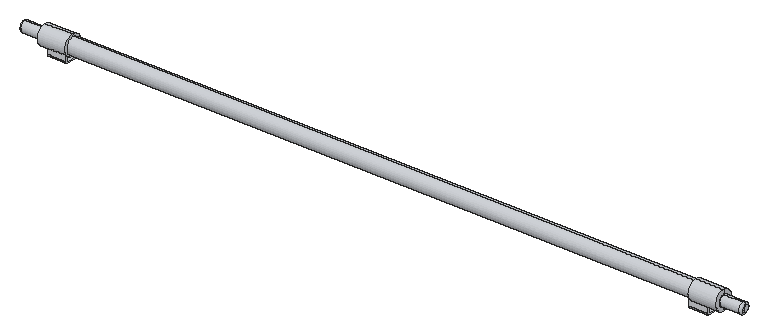
Revit family "0045752", category Lighting Fixtures, host Face, Revit 2017
Family settings
  Host = Face
  Round Connector Dimension = Use Diameter
  Part Type = Normal
  OmniClass Number = 23.80.70.00
  OmniClass Title = Lighting
  Cut with Voids When Loaded = No
  Light Source = Yes
  Shared = No
  Room Calculation Point = No
Parameters (values of type "0045752 ST E BATTEN 1500 IP65 3300LM 840")
  Weight = "7.2 kg"
  Wattage Comments = ""
  Wattage = 23 W
  WarrantyStartDate [instance] = "n/a"
  WarrantyGuarantorParts = "n/a"
  WarrantyDurationUnit = "n/a"
  WarrantyDurationParts = "n/a"
  WarrantyDescription = "n/a"
  built-in parameter 1150110 = 1 (stored number, unit not read)
  Voltage = 0 V
  URL = "http://www.sylvania-lighting.com"
  TypeName = "START eco Batten 1500 IP65 3300lm 840"
  Type Image = <None>
  Type Comments = "n/a"
  built-in parameter 1114217 = 1 (stored number, unit not read)
  Tilt Angle = -90.00°
  built-in parameter 1150109 = 1 (stored number, unit not read)
  built-in parameter 1150134 = 12
  built-in parameter 1150113 = 1 (stored number, unit not read)
  SerialNumber [instance] = "n/a"
  Photometric Web File = "0045752.ies"
  Material_3_SYL = none
  PowerFactor = 0.9
  PowerConsumption = "23 W"
  NominalLength = 1570 mm
  NominalHeight = 50 mm
  NominalDepth = 43 mm
  Name = "START eco Batten 1500 IP65 3300lm 840"
  ModelReference = Name  # "START eco Batten 1500 IP65 3300lm 840"
  ModelNumber = "0045752"
  Model = Name  # "START eco Batten 1500 IP65 3300lm 840"
  Material = "pc polycarbonate housing, pc polycarbonate diffuser"
  ManufacturerName = "Feilo Sylvania"
  Manufacturer = "Feilo Sylvania"
  LuminousEfficacy = "143 lm/W"
  built-in parameter 1150105 = 261.73 (stored number, unit not read)
  Lumens = 3289 lm
  LuminaireType = ""
  built-in parameter 1150115 = 1 (stored number, unit not read)
  LightOutputRatio = "n/a"
  built-in parameter 1150137 = (empty or 0)
  built-in parameter 1150139 = (empty or 0)
  LampsType = Lamp  # "LED"
  LampNominalLuminous = "3300 lm"
  LampMacAdamStep = "5"
  LampColourTemperature = "4000 K"
  LampColourRenderingIndex = "80"
  built-in parameter 1150112 = 1 (stored number, unit not read)
  built-in parameter 1150114 = 1 (stored number, unit not read)
  Lamp = "LED"
  L_CABLE_SYL = 47 mm
  LUM_LENGHT1500_SYL = yes
  LAMP_L1_SYL = if(LUM_LENGHT1500_SYL, 678 mm, 533 mm)  # 678 mm
  LUM_D2_SYL = 38 mm - LUM_D1_SYL  # 0 mm
  LUM_D1_SYL = 38 mm
  L3_SYL = 60 mm
  Keynote = "16500"
  InstallationDate [instance] = "n/a"
  InputVoltage = "n/a"
  InputNominalFrequency = "n/a"
  built-in parameter 1150132 = (empty or 0)
  built-in parameter 1150102 = (empty or 0)
  built-in parameter 1150107 = 4000 (stored number, unit not read)
  built-in parameter 1150138 = (empty or 0)
  IngressProtection = "IP65"
  ImpactProtectionIndex = "IK08"
  built-in parameter 1150106 = 2.6173 (stored number, unit not read)
  IfcExportType = "IfcLightFixtureType"
  IfcExportAs = "IfcLightFixtureType"
  Emit from Circle Diameter = 609.6 mm
  Emit Shape Visible in Rendering = no
  ElectricShockClassification = "Class II"
  built-in parameter 1150104 = 13.285 (stored number, unit not read)
  DocumentationLiterature = "http://www.sylvania-lighting.com/product/en-int/products/0045752"
  DimmingControlOptions = "n/a"
  Material_2_SYL = none
  Dimming Lamp Color Temperature Shift = <None>
  Description = ""
  Default Elevation = 1219.2 mm
  CreatedOn = "10/6/2020"
  CreatedBy = "@sylvania-lighting.com"
  Cost = 0
  Color Filter = 16777215
  built-in parameter 1114216 [instance] = (empty or 0)
  ClassificationValue = "EF_70_80"
  ClassificationName = "Uniclass2015"
  Material_1_SYL = none
  CABLE_D_SYL = 23 mm
  BarCode [instance] = "n/a"
  built-in parameter 1114218 = 1 (stored number, unit not read)
  BRACKET2_ST_SYL = 0 mm
  BRACKET2_END_SYL = 0 mm
  BRACKET1_ST_SYL = if(LUM_LENGHT1500_SYL, 399 mm, 214 mm)  # 399 mm
  BRACKET1_END_SYL = if(LUM_LENGHT1500_SYL, 359 mm, 254 mm)  # 359 mm
  built-in parameter 1150133 = 10 (stored number, unit not read)
  AssetType = "Fixed"
  AssetIdentifier [instance] = "n/a"
  Assembly Code = "D5020200"
  Apparent Load = 23 VA
  Material_4_SYL = none
Types (6, lengths in mm): name | Weight | Wattage | TypeName | built-in parameter 1150134 | Photometric Web File | PowerConsumption | NominalLength | NominalHeight | NominalDepth | Name | ModelReference | ModelNumber | Model | Material | LuminousEfficacy | built-in parameter 1150105 | Lumens | LightOutputRatio | LampNominalLuminous | LampColourTemperature | built-in parameter 1150107 | built-in parameter 1150106 | built-in parameter 1150104 | DocumentationLiterature | Description | Apparent Load
  0045751 ST E BATTEN 1500 IP65 3300LM 830 | "9.0 kg" | 23 W | "START eco Batten 1500 IP65 3300lm 830" | (empty or 0) | "0045751.ies" | "23 W" | 1570 | 50 | 43 | "START eco Batten 1500 IP65 3300lm 830" | "START eco Batten 1500 IP65 3300lm 830" | "0045751" | "START eco Batten 1500 IP65 3300lm 830" | "pc polycarbonate housing, pc polycarbonate diffuser" | "143 lm/W" | 261.73 (stored number, unit not read) | 3289 lm | "n/a" | "3300 lm" | "3000 K" | 3000 (stored number, unit not read) | 2.6173 (stored number, unit not read) | 13.285 (stored number, unit not read) | "http://www.sylvania-lighting.com/product/en-int/products/0045751" | "" | 23 VA
  0045748 ST E BATTEN 1200 IP65 2600LM 840 | "7.8 kg" | 18 W | "START eco Batten 1200 IP65 2600lm 840" | 12 | "0045748.ies" | "18 W" | 1280 | 50 | 43 | "START eco Batten 1200 IP65 2600lm 840" | "START eco Batten 1200 IP65 2600lm 840" | "0045748" | "START eco Batten 1200 IP65 2600lm 840" | "pc polycarbonate housing, pc polycarbonate diffuser" | "144 lm/W" | 206.26 (stored number, unit not read) | 2592 lm | "n/a" | "2600 lm" | "4000 K" | 4000 (stored number, unit not read) | 2.0626 (stored number, unit not read) | 13.378 (stored number, unit not read) | "http://www.sylvania-lighting.com/product/en-int/products/0045748" | "" | 18 VA
  0045747 ST E BATTEN 1200 IP65 2600LM 830 | "7.8 kg" | 18 W | "START eco Batten 1200 IP65 2600lm 830" | (empty or 0) | "0045747.ies" | "18 W" | 1280 | 50 | 43 | "START eco Batten 1200 IP65 2600lm 830" | "START eco Batten 1200 IP65 2600lm 830" | "0045747" | "START eco Batten 1200 IP65 2600lm 830" | "pc polycarbonate housing, pc polycarbonate diffuser" | "144 lm/W" | 206.26 (stored number, unit not read) | 2592 lm | "n/a" | "2600 lm" | "3000 K" | 3000 (stored number, unit not read) | 2.0626 (stored number, unit not read) | 13.378 (stored number, unit not read) | "http://www.sylvania-lighting.com/product/en-int/products/0045747" | "" | 18 VA
  0045415 ST E BATTEN NEO 1500 IP65 3200LM 865 ME | "9.132 kg" | 42 W | "START eco Batten NEO 1500 IP65 3200lm 865 ME" | 1 | "0045415.ies" | "42 W" | 1200 | 53.6 | 80 | "START eco Batten NEO 1500 IP65 3200lm 865 ME" | "START eco Batten NEO 1500 IP65 3200lm 865 ME" | "0045415" | "START eco Batten NEO 1500 IP65 3200lm 865 ME" | "n/a" | "124 lm/W" | 414.44 (stored number, unit not read) | 5208 lm | "100" | "5200 lm" | "6500 K" | 6500 (stored number, unit not read) | 4.1444 (stored number, unit not read) | 11.52 (stored number, unit not read) | "http://www.sylvania-lighting.com/product/en-int/products/0045415" | "The new upgraded Start eco Batten IP65 (upgraded version of Batten LED LINK) is a versatile range of slimline LED waterproof luminaires that provide an ideal solution for interior and exterior applications such as workshops, garages and outdoor covered spaces. The design allows the luminaire to be easily linked to another luminaire through an IP65 rated connector. The product can be a slimline replacement for single and twin 36W/58W fluorescent waterproof battens.Polycarbonate housing and diffuser, 5200 lm, 42 W, 124 lm/W, 4000 K, drive current 270 mA, non dimmable, CRI 80, IP65, IK08, Class II, nominal average lifetime (h): 30000, 1200 mm x 80 mm x 53.6 mm, energy class: A++ A+ A." | 42 VA
  0045413 ST E BATTEN NEO 1200 IP65 2500LM 865 ME | "7.284 kg" | 18 W | "START eco Batten NEO 1200 IP65 2500lm 865 ME" | 1 | "0045413.ies" | "18 W" | 1500 | 52.8 | 44 | "START eco Batten NEO 1200 IP65 2500lm 865 ME" | "START eco Batten NEO 1200 IP65 2500lm 865 ME" | "0045413" | "START eco Batten NEO 1200 IP65 2500lm 865 ME" | "n/a" | "144 lm/W" | 206.26 (stored number, unit not read) | 2592 lm | "100" | "2600 lm" | "6500 K" | 6500 (stored number, unit not read) | 2.0626 (stored number, unit not read) | 13.378 (stored number, unit not read) | "http://www.sylvania-lighting.com/product/en-int/products/0045413" | "The new upgraded Start eco Batten IP65 (upgraded version of Batten LED LINK) is a versatile range of slimline LED waterproof luminaires that provide an ideal solution for interior and exterior applications such as workshops, garages and outdoor covered spaces. The design allows the luminaire to be easily linked to another luminaire through an IP65 rated connector. The product can be a slimline replacement for single and twin 36W/58W fluorescent waterproof battens.Polycarbonate housing and diffuser, 3200 lm, 26 W, 123 lm/W, 4000 K, drive current 170 mA, non dimmable, CRI 80, IP65, IK08, Class II, nominal average lifetime (h): 30000, 1500 mm x 42 mm x 52.8 mm, energy class: A++ A+ A." | 18 VA
  0045752 ST E BATTEN 1500 IP65 3300LM 840 | "7.2 kg" | 23 W | "START eco Batten 1500 IP65 3300lm 840" | 12 | "0045752.ies" | "23 W" | 1570 | 50 | 43 | "START eco Batten 1500 IP65 3300lm 840" | "START eco Batten 1500 IP65 3300lm 840" | "0045752" | "START eco Batten 1500 IP65 3300lm 840" | "pc polycarbonate housing, pc polycarbonate diffuser" | "143 lm/W" | 261.73 (stored number, unit not read) | 3289 lm | "n/a" | "3300 lm" | "4000 K" | 4000 (stored number, unit not read) | 2.6173 (stored number, unit not read) | 13.285 (stored number, unit not read) | "http://www.sylvania-lighting.com/product/en-int/products/0045752" | "" | 23 VA
Reference planes
  plane 1 "Center (Front/Back)": y = 0
  plane 2: z = 0
  plane 3 "Center (Left/Right)": x = 0
  plane 4: x = 678
  plane 5: x = 738
  plane 6: x = 785
  plane 7: x = -678
  plane 8: x = -738
  plane 9: x = -785
  plane 10: z = -38
  plane 11: z = 0
  plane 12: z = -17
  plane 13: z = -28.5
  plane 14: z = -5.5
  plane 15: z = -34
  plane 16: z = 0
  plane 17: z = -48
  plane 18: y = 18
  plane 19: y = -18
  plane 20: z = -46
  plane 21: y = 16
  plane 22: y = -16
Forms (mm)
  Revolve 1, solid
    sketch origin (0, 0, 0) x (1, 0, 0) y (0, 0, 1)
      loop
        line (785, -17) -> (-785, -17) -> (-785, -24.5)
        arc (-785, -24.5) -> (-783.828, -27.328) -> (-781, -28.5) r 4
        line (-781, -28.5) -> (-739, -28.5)
        arc (-739, -28.5) -> (-738.293, -28.793) -> (-738, -29.5) r 1
        line (-738, -29.5) -> (-738, -38) -> (-678, -38) -> (-678, -34) -> (678, -34) -> (678, -38) -> (738, -38) -> (738, -29.5)
        arc (738, -29.5) -> (738.293, -28.793) -> (739, -28.5) r 1
        line (739, -28.5) -> (781, -28.5)
        arc (781, -28.5) -> (783.828, -27.328) -> (785, -24.5) r 4
        line (785, -24.5) -> (785, -17)
      axis (785, -17) -> (-785, -17)
    angle from 360 to 0
  Extrusion 2, solid
    sketch origin (319, 1524, 1219.2) x (0, 1, 0) y (0, 0, 1)
      loop
        line (-1506, -1236.2) -> (-1508, -1236.2) -> (-1508, -1259.184)
        arc (-1508, -1259.184) -> (-1509.172, -1262.013) -> (-1512, -1263.184) r 4
        line (-1512, -1263.184) -> (-1536, -1263.184)
        arc (-1536, -1263.184) -> (-1538.828, -1262.013) -> (-1540, -1259.184) r 4
        line (-1540, -1259.184) -> (-1540, -1236.2) -> (-1542, -1236.2) -> (-1542, -1261.2)
        arc (-1542, -1261.2) -> (-1540.828, -1264.028) -> (-1538, -1265.2) r 4
        line (-1538, -1265.2) -> (-1510, -1265.2)
        arc (-1510, -1265.2) -> (-1507.172, -1264.028) -> (-1506, -1261.2) r 4
        line (-1506, -1261.2) -> (-1506, -1236.2)
    from 359 <- "BRACKET1_END_SYL" to 399 <- "BRACKET1_ST_SYL"
  Extrusion 3, solid
    sketch origin (-319, 1524, 1219.2) x (0, 1, 0) y (0, 0, -1)
      loop
        line (-1506, 1236.2) -> (-1506, 1261.2)
        arc (-1506, 1261.2) -> (-1507.172, 1264.028) -> (-1510, 1265.2) r 4
        line (-1510, 1265.2) -> (-1538, 1265.2)
        arc (-1538, 1265.2) -> (-1540.828, 1264.028) -> (-1542, 1261.2) r 4
        line (-1542, 1261.2) -> (-1542, 1236.2) -> (-1540, 1236.2) -> (-1540, 1259.184)
        arc (-1540, 1259.184) -> (-1538.828, 1262.013) -> (-1536, 1263.184) r 4
        line (-1536, 1263.184) -> (-1512, 1263.184)
        arc (-1512, 1263.184) -> (-1509.172, 1262.013) -> (-1508, 1259.184) r 4
        line (-1508, 1259.184) -> (-1508, 1236.2) -> (-1506, 1236.2)
    from 359 <- "BRACKET1_END_SYL" to 399 <- "BRACKET1_ST_SYL"
Dimensions and locks
  "LAMP_L1_SYL": plane 4 to plane 3 "Center (Left/Right)"
  "LAMP_L1_SYL": plane 3 "Center (Left/Right)" to plane 7
  "L3_SYL": plane 5 to plane 4
  "L_CABLE_SYL": plane 6 to plane 5
  plane 7 to plane 8 = 60 mm
  plane 8 to plane 9 = 47 mm
  "L3_SYL": plane 7 to plane 8
  "L_CABLE_SYL": plane 8 to plane 9
  "LUM_D1_SYL": host face to plane 10
  "LUM_D2_SYL": plane 11 to host face
  "CABLE_D_SYL": plane 14 to plane 13
  host face to plane 15 = 34 mm
  plane 11 to host face to plane 10 = 0 mm, 38 mm
  plane 17 to host face = 48 mm
  aligned and locked: plane 2 to host face
  aligned and locked: level to host face
Automatic sketch dimensions
  host sketch curve to host sketch curve = 2438.4 mm  (x2)
  Revolve 1 sketch curve to plane 12 = 0 mm  (x2)
  Revolve 1 sketch curve to plane 9 = 0 mm
  Revolve 1 sketch curve to plane 13 = 0 mm  (x2)
  Revolve 1 sketch curve to plane 8 = 0 mm
  Revolve 1 sketch curve to plane 7 = 0 mm
  Revolve 1 sketch curve to plane 4 = 0 mm
  Revolve 1 sketch curve to plane 5 = 0 mm
  Revolve 1 sketch curve to plane 6 = 0 mm
  Revolve 1 sketch curve to plane 10 = 0 mm  (x2)
  Revolve 1 sketch curve to plane 15 = 0 mm
  plane 9 to Revolve 1 sketch curve = 4 mm
  Revolve 1 sketch curve to Revolve 1 sketch curve = 1 mm  (x2)
  Revolve 1 sketch curve to plane 6 = 4 mm
  Revolve 1 sketch curve to Revolve 1 sketch curve = 411.5 mm
  Revolve 1 sketch curve to Revolve 1 sketch curve = 419.9 mm
  plane 12 to Extrusion 2 sketch curve = 0 mm  (x2)
  Extrusion 2 sketch curve to plane 19 = 0 mm
  Extrusion 2 sketch curve to plane 22 = 0 mm
  Extrusion 2 sketch curve to plane 17 = 2 mm
  Extrusion 2 sketch curve to plane 20 = 2.016 mm
  Extrusion 2 sketch curve to plane 21 = 0 mm
  Extrusion 2 sketch curve to plane 18 = 0 mm
  Extrusion 2 sketch curve to plane 20 = 4 mm  (x2)
  Extrusion 2 sketch curve to Extrusion 2 sketch curve = 2 mm
  plane 21 to Extrusion 2 sketch curve = 4 mm
  plane 12 to Extrusion 3 sketch curve = 0 mm  (x2)
  Extrusion 3 sketch curve to plane 19 = 0 mm
  Extrusion 3 sketch curve to plane 22 = 0 mm
  Extrusion 3 sketch curve to plane 17 = 2 mm
  Extrusion 3 sketch curve to plane 20 = 2.016 mm
  Extrusion 3 sketch curve to plane 21 = 0 mm
  Extrusion 3 sketch curve to plane 18 = 0 mm
  Extrusion 3 sketch curve to plane 20 = 4 mm  (x2)
  Extrusion 3 sketch curve to Extrusion 3 sketch curve = 2 mm
  plane 21 to Extrusion 3 sketch curve = 4 mm
Connectors
  electrical at (0, 0, 0), driven by "Apparent Load", driven by "PowerFactor", driven by "Voltage"
    settings: index 1, voltage 0 V, apparent load 23 VA, apparent load phase1 0 VA, apparent load phase2 0 VA, apparent load phase3 0 VA, power factor 0.9, load classification "Lighting", number of poles 1, system type 30, power factor state 1, is connector primary yes, connector utility no, sub classification motor no, connector description ""
